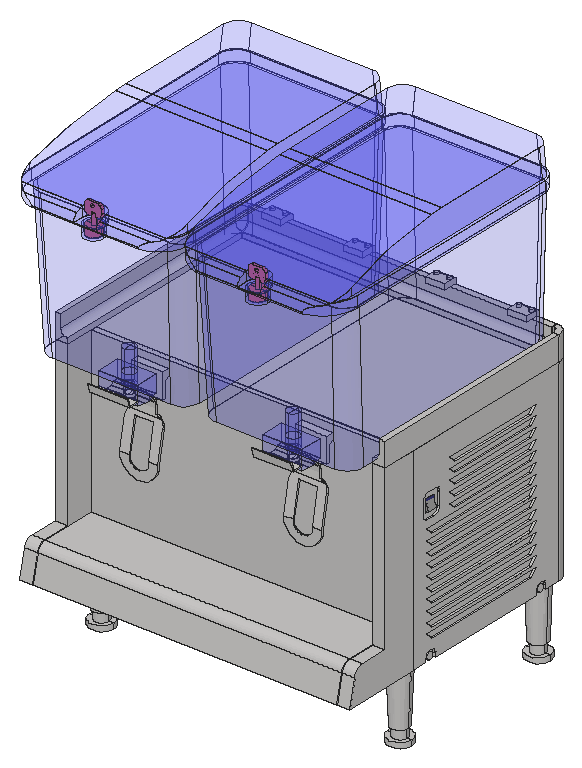
Revit family "QF_ELECTROLUXPROFESSIONAL_600929_ECS2D22UK", category Specialty Equipment, Revit 2018
Family settings
  Round Connector Dimension = Use Diameter
  Part Type = Normal
  Work Plane-Based = No
  Always vertical = Yes
  Cut with Voids When Loaded = No
  Shared = No
  Room Calculation Point = No
Parameters (values of type "Standard")
  Weight = 20.00 kg
  Watts = 0 W
  Volts = 230 V
  URL Manufacturer = "http://professional.electrolux.com"
  URL = "http://professional.electrolux.com"
  Steam Supply Size = 0 mm
  Steam Supply Minimum Pressure = 0.0 Pa
  Steam Supply Maximum Pressure = 0.0 Pa
  Steam Pounds per Hour = 0
  Refrigeration Suction Line Size = 0 mm
  Refrigeration Liquid Line Size = 0 mm
  Refrigerant Compressor Remote = yes
  Manufacturer = "Electrolux Professional"
  Phase = 1
  Model = "ECS2D22UK"
  Length Actual = 521.0 mm  # constant formula
  Item Number = "600929"
  Hot Water Size = 0 mm
  Height Actual = 729.0 mm  # constant formula
  HP = "0.5 HP"
  Gas Size = 0 mm
  Gas KW = 0
  Gas Input Pressure = 0 W
  Direct Waste Size = 0 mm
  Description = "COLD BEV DISP. 2X18 LT - AGITATOR - UK PLUG"
  Depth Actual = 451.0 mm  # constant formula
  Cycle = 60 Hz
  Condensate Return Size = 0 mm
  Compressed Air Volume = 0.0 L/s
  Compressed Air Size = 0 mm
  Compressed Air Pressure = 0.0 Pa
  Cold Water Size = 0 mm
  Accessory = yes
Reference planes
  plane 1 "Center (Front/Back)": y = 0
  plane 2 "BASE": z = 0
  plane 3 "Center (Left/Right)": x = 0
  plane 4 "FEET": z = 110
  plane 5 "BACK": y = 212
  plane 6 "LEFT": x = -260
  plane 7 "RIGHT": x = 260
  plane 8 "FeetBack": y = 182
  plane 9 "EI_Front": y = 43
  plane 10 "TopBase": z = 420
  plane 11 "TOP": z = 729
  plane 12 "FRONT": y = -256
  plane 13 "FeetFront": y = -91
  plane 14 "Fillet": y = 192
  plane 15 "EI_Left": x = 234.6
  plane 16 "BaseVasca": z = 420
  plane 17 "Key": y = -238.074
Forms (mm)
  Extrusion 1, solid, material "QF_Finishes_Rubber Black"
    sketch origin (127, -237.264, 237.417) x (-1, 0, 0) y (0, 0, 1)
      loop
        line (-134.813, 85.505) -> (-130.245, 83.471) -> (-130.245, 81.362) -> (-128, 81.362) -> (-128, 101.362) -> (-130.245, 101.362)
        arc (-130.245, 101.362) -> (-131.172, 93.043) -> (-134.813, 85.505) r 24.82
    from 185 to 170
  Extrusion 2, solid, material "QF_Clearances", detail levels coarse
    sketch origin (1888.173, -11.659, 0) x (1, 0, 0) y (0, 1, 0)
      loop
        line (-2148.173, -244.341) -> (-2148.173, 223.659) -> (-1628.173, 223.659) -> (-1628.173, -244.341) -> (-1501.173, -244.341) -> (-1501.173, 373.659) -> (-2275.173, 373.659) -> (-2275.173, -244.341) -> (-2148.173, -244.341)
    from 0 to 729
  Revolve 3, solid, material "QF_Finishes_Stainless Steel"
    sketch origin (127, -91, 0) x (0, 0, 1) y (1, 0, 0)
      loop
        line (0, 127) -> (0, 108) -> (110, 108) -> (110, 125.038) -> (23, 122) -> (23, 119) -> (8, 119) -> (8, 127) -> (0, 127)
      axis (0, 108) -> (110, 108)
    angle from 0 to 360
  Revolve 4, solid, material "QF_Finishes_Stainless Steel"
    sketch origin (-127, -91, 0) x (0, 0, 1) y (1, 0, 0)
      loop
        line (0, -127) -> (8, -127) -> (8, -119) -> (23, -119) -> (23, -122) -> (110, -125.038) -> (110, -108) -> (0, -108) -> (0, -127)
      axis (0, -108) -> (110, -108)
    angle from 0 to 360
  Revolve 5, solid, material "QF_Finishes_Stainless Steel"
    sketch origin (127, 182, 0) x (-1, 0, 0) y (0, 0, 1)
      loop
        line (-127, 0) -> (-108, 0) -> (-108, 110) -> (-125.038, 110) -> (-122, 23) -> (-119, 23) -> (-119, 8) -> (-127, 8) -> (-127, 0)
      axis (-108, 0) -> (-108, 110)
    angle from 0 to 360
  Revolve 6, solid, material "QF_Finishes_Stainless Steel"
    sketch origin (-127, 182, 0) x (-1, 0, 0) y (0, 0, 1)
      loop
        line (127, 0) -> (127, 8) -> (119, 8) -> (119, 23) -> (122, 23) -> (125.038, 110) -> (108, 110) -> (108, 0) -> (127, 0)
      axis (108, 0) -> (108, 110)
    angle from 0 to 360
  Extrusion 7, solid, material "QF_Finishes_Stainless Steel"
    sketch origin (260, 0, 0) x (0, -1, 0) y (0, 0, 1)
      loop
        line (96.764, 110) -> (221, 110) -> (211.598, 151.16)
        arc (211.598, 151.16) -> (205.975, 160.107) -> (196, 163.597) r 16
        line (196, 163.597) -> (151, 163.597) -> (151, 420) -> (96.764, 420) -> (96.764, 110)
    from 20 to 0
  Extrusion 8, solid, material "QF_Finishes_Stainless Steel"
    sketch origin (0, 0, 0) x (0, 1, 0) y (0, 0, 1)
      loop
        line (-96.764, 110) -> (-96.764, 420) -> (-106, 420) -> (-106, 163.597) -> (-196, 163.597)
        arc (-196, 163.597) -> (-205.975, 160.107) -> (-211.598, 151.16) r 16
        line (-211.598, 151.16) -> (-221, 110) -> (-96.764, 110)
    from -240 to 240
  Extrusion 9, solid, material "QF_Finishes_Stainless Steel"
    sketch origin (260, -1000, 0) x (0, -1, 0) y (0, 0, 1)
      loop
        line (-903.236, 110) -> (-903.236, 420) -> (-1192, 420) -> (-1192, 110) -> (-1166, 110) -> (-1166, 115.694)
        arc (-1166, 115.694) -> (-1156, 125.694) -> (-1146, 115.694) r 10
        line (-1146, 115.694) -> (-1146, 110) -> (-948, 110) -> (-948, 115.694)
        arc (-948, 115.694) -> (-938, 125.694) -> (-928, 115.694) r 10
        line (-928, 115.694) -> (-928, 110) -> (-903.236, 110)
      loop
        arc (-923.159, 339.837) -> (-926.088, 346.908) -> (-933.159, 349.837) r 10
        line (-933.159, 349.837) -> (-947.159, 349.837)
        arc (-947.159, 349.837) -> (-954.23, 346.908) -> (-957.159, 339.837) r 10
        line (-957.159, 339.837) -> (-957.159, 319.837)
        arc (-957.159, 319.837) -> (-954.23, 312.766) -> (-947.159, 309.837) r 10
        line (-947.159, 309.837) -> (-933.159, 309.837)
        arc (-933.159, 309.837) -> (-926.088, 312.766) -> (-923.159, 319.837) r 10
        line (-923.159, 319.837) -> (-923.159, 339.837)
      loop
        line (-974.071, 381.364) -> (-1149.071, 381.364) -> (-1137.071, 369.364) -> (-986.071, 369.364) -> (-974.071, 381.364)
      loop
        line (-974.071, 364.864) -> (-1149.071, 364.864) -> (-1137.071, 352.864) -> (-986.071, 352.864) -> (-974.071, 364.864)
      loop
        line (-974.071, 348.364) -> (-1149.071, 348.364) -> (-1137.071, 336.364) -> (-986.071, 336.364) -> (-974.071, 348.364)
      loop
        line (-974.071, 331.864) -> (-1149.071, 331.864) -> (-1137.071, 319.864) -> (-986.071, 319.864) -> (-974.071, 331.864)
      loop
        line (-974.071, 315.364) -> (-1149.071, 315.364) -> (-1137.071, 303.364) -> (-986.071, 303.364) -> (-974.071, 315.364)
      loop
        line (-929.071, 298.864) -> (-1149.071, 298.864) -> (-1137.071, 286.864) -> (-941.071, 286.864) -> (-929.071, 298.864)
      loop
        line (-929.071, 282.364) -> (-1149.071, 282.364) -> (-1137.071, 270.364) -> (-941.071, 270.364) -> (-929.071, 282.364)
      loop
        line (-929.071, 265.864) -> (-1149.071, 265.864) -> (-1137.071, 253.864) -> (-941.071, 253.864) -> (-929.071, 265.864)
      loop
        line (-929.071, 249.364) -> (-1149.071, 249.364) -> (-1137.071, 237.364) -> (-941.071, 237.364) -> (-929.071, 249.364)
      loop
        line (-929.071, 232.864) -> (-1149.071, 232.864) -> (-1137.071, 220.864) -> (-941.071, 220.864) -> (-929.071, 232.864)
      loop
        line (-929.071, 216.364) -> (-1149.071, 216.364) -> (-1137.071, 204.364) -> (-941.071, 204.364) -> (-929.071, 216.364)
      loop
        line (-929.071, 199.864) -> (-1149.071, 199.864) -> (-1137.071, 187.864) -> (-941.071, 187.864) -> (-929.071, 199.864)
      loop
        line (-929.071, 183.364) -> (-1149.071, 183.364) -> (-1137.071, 171.364) -> (-941.071, 171.364) -> (-929.071, 183.364)
      loop
        line (-929.071, 166.864) -> (-1149.071, 166.864) -> (-1137.071, 154.864) -> (-941.071, 154.864) -> (-929.071, 166.864)
      loop
        line (-929.071, 150.364) -> (-1149.071, 150.364) -> (-1137.071, 138.364) -> (-941.071, 138.364) -> (-929.071, 150.364)
    from 5 to 0
  Extrusion 10, solid, material "QF_Finishes_Stainless Steel"
    sketch origin (-260, 0, 0) x (0, 1, 0) y (0, 0, 1)
      loop
        line (-96.764, 110) -> (-96.764, 420) -> (-151, 420) -> (-151, 163.597) -> (-196, 163.597)
        arc (-196, 163.597) -> (-205.975, 160.107) -> (-211.598, 151.16) r 16
        line (-211.598, 151.16) -> (-221, 110) -> (-96.764, 110)
    from 20 to 0
  Extrusion 11, solid, material "QF_Finishes_Stainless Steel"
    sketch origin (-260, 0, 0) x (0, 1, 0) y (0, 0, 1)
      loop
        line (-96.764, 110) -> (-72, 110) -> (-72, 115.694)
        arc (-72, 115.694) -> (-62, 125.694) -> (-52, 115.694) r 10
        line (-52, 115.694) -> (-52, 110) -> (146, 110) -> (146, 115.694)
        arc (146, 115.694) -> (156, 125.694) -> (166, 115.694) r 10
        line (166, 115.694) -> (166, 110) -> (192, 110) -> (192, 420) -> (-96.764, 420) -> (-96.764, 110)
      loop
        line (-70.929, 381.364) -> (-58.929, 369.364) -> (137.071, 369.364) -> (149.071, 381.364) -> (-70.929, 381.364)
      loop
        line (-70.929, 364.864) -> (-58.929, 352.864) -> (137.071, 352.864) -> (149.071, 364.864) -> (-70.929, 364.864)
      loop
        line (-70.929, 348.364) -> (-58.929, 336.364) -> (137.071, 336.364) -> (149.071, 348.364) -> (-70.929, 348.364)
      loop
        line (-70.929, 331.864) -> (-58.929, 319.864) -> (137.071, 319.864) -> (149.071, 331.864) -> (-70.929, 331.864)
      loop
        line (-70.929, 315.364) -> (-58.929, 303.364) -> (137.071, 303.364) -> (149.071, 315.364) -> (-70.929, 315.364)
      loop
        line (-70.929, 298.864) -> (-58.929, 286.864) -> (137.071, 286.864) -> (149.071, 298.864) -> (-70.929, 298.864)
      loop
        line (-70.929, 282.364) -> (-58.929, 270.364) -> (137.071, 270.364) -> (149.071, 282.364) -> (-70.929, 282.364)
      loop
        line (-70.929, 265.864) -> (-58.929, 253.864) -> (137.071, 253.864) -> (149.071, 265.864) -> (-70.929, 265.864)
      loop
        line (-70.929, 249.364) -> (-58.929, 237.364) -> (137.071, 237.364) -> (149.071, 249.364) -> (-70.929, 249.364)
      loop
        line (-70.929, 232.864) -> (-58.929, 220.864) -> (137.071, 220.864) -> (149.071, 232.864) -> (-70.929, 232.864)
      loop
        line (-70.929, 216.364) -> (-58.929, 204.364) -> (137.071, 204.364) -> (149.071, 216.364) -> (-70.929, 216.364)
      loop
        line (-70.929, 199.864) -> (-58.929, 187.864) -> (137.071, 187.864) -> (149.071, 199.864) -> (-70.929, 199.864)
      loop
        line (-70.929, 183.364) -> (-58.929, 171.364) -> (137.071, 171.364) -> (149.071, 183.364) -> (-70.929, 183.364)
      loop
        line (-70.929, 166.864) -> (-58.929, 154.864) -> (137.071, 154.864) -> (149.071, 166.864) -> (-70.929, 166.864)
      loop
        line (-70.929, 150.364) -> (-58.929, 138.364) -> (137.071, 138.364) -> (149.071, 150.364) -> (-70.929, 150.364)
    from 5 to 0
  Extrusion 12, solid, material "QF_Finishes_Stainless Steel"
    sketch origin (0, 0, 0) x (0, 1, 0) y (0, 0, 1)
      loop
        line (-96.764, 110) -> (192, 110) -> (192, 420) -> (-96.764, 420) -> (-96.764, 110)
    from 255 to -255
  Extrusion 13, solid, material "QF_Finishes_Stainless Steel"
    sketch origin (0, 0, 0) x (0, 1, 0) y (0, 0, 1)
      loop
        line (212, 110) -> (212, 420) -> (192, 420) -> (192, 110) -> (212, 110)
    from 240 to -240
  Extrusion 14, solid, material "QF_Finishes_Stainless Steel"
    sketch origin (0, -256, 0) x (-1, 0, 0) y (0, 0, 1)
      loop
        line (-260, 420) -> (-240, 420) -> (-240, 428.026)
        arc (-240, 428.026) -> (-247.802, 431.235) -> (-251.037, 439.026) r 11
        line (-251.037, 439.026) -> (-251.037, 458.026) -> (-260, 458.026) -> (-260, 420)
      loop
        line (260, 420) -> (260, 458.026) -> (251.037, 458.026) -> (251.037, 439.026)
        arc (251.037, 439.026) -> (247.802, 431.235) -> (240, 428.026) r 11
        line (240, 428.026) -> (240, 420) -> (260, 420)
    from 448 to 105
  Extrusion 15, solid, material "QF_Finishes_Stainless Steel"
    sketch origin (0, 0, 0) x (0, 1, 0) y (0, 0, 1)
      loop
        line (212, 420) -> (212, 458.026) -> (203.037, 458.026) -> (203.037, 439.026)
        arc (203.037, 439.026) -> (199.802, 431.235) -> (192, 428.026) r 11
        line (192, 428.026) -> (192, 420) -> (212, 420)
    from 240 to -240
  Revolve 16, solid, material "QF_Finishes_Stainless Steel"
    sketch origin (127, 192, 0) x (-1, 0, 0) y (0, 0, 1)
      loop
        line (-113, 420) -> (-113, 428.026)
        arc (-113, 428.026) -> (-120.802, 431.235) -> (-124.037, 439.026) r 11
        line (-124.037, 439.026) -> (-124.037, 458.026) -> (-133, 458.026) -> (-133, 420) -> (-113, 420)
      axis (-113, 420) -> (-113, 458.026)
    angle from 0 to -90
  Revolve 17, solid, material "QF_Finishes_Stainless Steel"
    sketch origin (-127, 192, 0) x (1, 0, 0) y (0, 0, 1)
      loop
        line (-113, 420) -> (-113, 428.026)
        arc (-113, 428.026) -> (-120.802, 431.235) -> (-124.037, 439.026) r 11
        line (-124.037, 439.026) -> (-124.037, 458.026) -> (-133, 458.026) -> (-133, 420) -> (-113, 420)
      axis (-113, 420) -> (-113, 458.026)
    angle from 0 to -90
  Extrusion 18, solid, material "QF_Finishes_Stainless Steel"
    sketch origin (0, 0, 110) x (-1, 0, 0) y (0, -1, 0)
      loop
        line (240, -192) -> (240, -212)
        arc (240, -212) -> (254.142, -206.142) -> (260, -192) r 20
        line (260, -192) -> (240, -192)
      loop
        arc (-260, -192) -> (-254.142, -206.142) -> (-240, -212) r 20
        line (-240, -212) -> (-240, -192) -> (-260, -192)
    from 0 to 310
  Extrusion 19, solid, material "QF_Finishes_Stainless Steel"
    sketch origin (260, 0, 0) x (0, -1, 0) y (0, 0, 1)
      loop
        circle (62, 115.694) r 5
      loop
        circle (-156, 115.694) r 5
    from 1 to 5
  Extrusion 20, solid, material "QF_Finishes_Stainless Steel"
    sketch origin (-260, 0, 0) x (0, 1, 0) y (0, 0, 1)
      loop
        circle (-62, 115.694) r 5
      loop
        circle (156, 115.694) r 5
    from 1 to 5
  Extrusion 21, solid, material "QF_Finishes_Stainless Steel"
    sketch origin (126.6, 43, 110) x (-1, 0, 0) y (0, -1, 0)
      loop
        circle (-108, 0) r 10
    from 0 to -10
Lines and regions (mm)
  symbolic lines
    curve 1: arc (-240, 212, 420) -> (-254.142, 206.142, 420) -> (-260, 192, 420) r 20
    curve 2: line (240, 212, 420) -> (209.263, 212, 420)
    curve 3: arc (240, 212, 420) -> (254.142, 206.142, 420) -> (260, 192, 420) r 20
    curve 4: line (-260, 192, 420) -> (-260, -221, 420)
    curve 5: line (260, -221, 420) -> (260, 192, 420)
    curve 6: line (240, 203.037, 420) -> (209.263, 203.037, 420)
    curve 7: arc (-240, 203.037, 420) -> (-247.805, 199.805, 420) -> (-251.037, 192, 420) r 11.037
    curve 8: arc (240, 203.037, 420) -> (247.805, 199.805, 420) -> (251.037, 192, 420) r 11.037
    curve 9: line (-251.037, 192, 420) -> (-251.037, 184.473, 420)
    curve 10: line (251.037, 184.473, 420) -> (251.037, 192, 420)
    curve 11: line (-257.131, -151, 420) -> (-260, -151, 420)
    curve 12: line (-260, -221, 420) -> (-253.706, -221, 420)
    curve 13: line (-4.82, -221, 420) -> (4.82, -221, 420)
    curve 14: line (260, -221, 420) -> (253.706, -221, 420)
    curve 15: line (260, -151, 420) -> (257.131, -151, 420)
    curve 16: line (-209.263, 203.037, 420) -> (-240, 203.037, 420)
    curve 17: line (49.263, 203.037, 420) -> (-49.263, 203.037, 420)
    curve 18: line (49.263, 212, 420) -> (-49.263, 212, 420)
    curve 19: line (-209.263, 212, 420) -> (-240, 212, 420)
    curve 20: line (179.263, 212, 420) -> (79.263, 212, 420)
    curve 21: line (179.263, 203.037, 420) -> (79.263, 203.037, 420)
    curve 22: line (-79.263, 203.037, 420) -> (-179.263, 203.037, 420)
    curve 23: line (-79.263, 212, 420) -> (-179.263, 212, 420)
Dimensions and locks
  plane 4 "FEET" to level = 110.0 mm
  plane 6 "LEFT" to plane 3 "Center (Left/Right)" to plane 7 "RIGHT" = 260.0 mm, 260.0 mm
  plane 6 "LEFT" to plane 7 "RIGHT" = 520.0 mm
  plane 5 "BACK" to plane 8 "FeetBack" = 30.0 mm
  plane 7 "RIGHT" to plane 6 "LEFT" = 520.0 mm
  plane 5 "BACK" to plane 12 "FRONT" = 468.0 mm
  plane 11 "TOP" to level = 729.0 mm
  plane 9 "EI_Front" to plane 5 "BACK" = 169.0 mm
  plane 10 "TopBase" to level = 420.0 mm
  plane 15 "EI_Left" to plane 7 "RIGHT" = 25.4 mm
  plane 5 "BACK" to plane 9 "EI_Front" = 169.0 mm
  aligned and locked: level to plane 2 "BASE"
Nested families
  nested 1: "CS1-V2" at (-129.263, 0.03, 0), type "CS1-V2"
  nested 2: "CS1-V2" at (129.263, 0.03, 0), type "CS1-V2"
Connectors
  electrical at (234.6, 43, 100), driven by "Volts"
    settings: on Extrusion 21, index 1, voltage 230 V, apparent load 0 VA, apparent load phase1 0 VA, apparent load phase2 0 VA, apparent load phase3 0 VA, power factor 1, load classification "Other", number of poles 1, system type 30, power factor state 1, is connector primary yes, connector utility no, sub classification motor no, connector description "Electrical Connection"
Definition of nested family "CS1-V2"
  Parameters (values of type "CS1-V2")
    Weight = 48.00 kg
    Watts = 71.5353 W
    Volts = 230 V
    URL Manufacturer = "http://professional.electrolux.com"
    URL = "http://professional.electrolux.com"
    Steam Supply Size = 0 mm
    Steam Supply Minimum Pressure = 0.0 Pa
    Steam Supply Maximum Pressure = 0.0 Pa
    Steam Pounds per Hour = 0
    Refrigeration Suction Line Size = 0 mm
    Refrigeration Liquid Line Size = 0 mm
    Refrigerant Compressor Remote = yes
    Manufacturer = "Electrolux"
    Phase = 1
    Model = "SP2ITNK"
    Length Actual = 447.0 mm  # constant formula
    Item Number = "560013"
    Hot Water Size = 0 mm
    Height Actual = 612.0 mm  # constant formula
    HP = "1 HP"
    Gas Size = 0 mm
    Gas KW = 0
    Gas Input Pressure = 0 W
    Description = "2X5 LT BOWL - FROZEN GRANITA AND FROZEN CREAM DISPENSER - 2 INSULATED BOWLS - WHITE"
    Depth Actual = 438.0 mm  # constant formula
    Cycle = 50 Hz
    Condensate Return Size = 0 mm
    Compressed Air Volume = 0.0 L/s
    Compressed Air Size = 0 mm
    Compressed Air Pressure = 0.0 Pa
    Cold Water Size = 0 mm
    Accessory = yes
  Reference planes
    plane 1 "Center (Front/Back)": y = 0
    plane 2 "BASE": z = 0
    plane 3 "Center (Left/Right)": x = 0
    plane 4 "FEET": z = 110
    plane 5 "BACK": y = 212
    plane 6 "LEFT": x = -133
    plane 7 "RIGHT": x = 133
    plane 8 "TopBase": z = 420
    plane 9 "TOP": z = 729
    plane 10 "FRONT": y = -256
    plane 11 "Fillet": y = 192
    plane 12 "BaseVasca": z = 420
    plane 13 "Key": y = -238.074
    plane 14: y = -168.455
  Forms (mm)
    Blend 1, solid
      base sketch origin (64.522, 0, 420) x (0, -1, 0) y (1, 0, 0)
        loop
          arc (178, -183.022) -> (195.678, -175.699) -> (203, -158.022) r 25
          line (203, -158.022) -> (203, 28.978)
          arc (203, 28.978) -> (195.678, 46.656) -> (178, 53.978) r 25
          line (178, 53.978) -> (-167, 53.978)
          arc (-167, 53.978) -> (-184.678, 46.656) -> (-192, 28.978) r 25
          line (-192, 28.978) -> (-192, -158.022)
          arc (-192, -158.022) -> (-184.678, -175.699) -> (-167, -183.022) r 25
          line (-167, -183.022) -> (178, -183.022)
      top sketch origin (64.522, 0, 420) x (0, -1, 0) y (1, 0, 0)
        loop
          arc (-192, -164.522) -> (-184.678, -182.199) -> (-167, -189.522) r 25
          line (-167, -189.522) -> (193, -189.522)
          arc (193, -189.522) -> (210.678, -182.199) -> (218, -164.522) r 25
          line (218, -164.522) -> (218, 35.478)
          arc (218, 35.478) -> (210.678, 53.156) -> (193, 60.478) r 25
          line (193, 60.478) -> (-167, 60.478)
          arc (-167, 60.478) -> (-184.678, 53.156) -> (-192, 35.478) r 25
          line (-192, 35.478) -> (-192, -164.522)
      from 8 to 247
    Blend 2, solid
      base sketch origin (133, 0, 420) x (0, -1, 0) y (1, 0, 0)
        loop
          arc (-192, -233.206) -> (-184.678, -250.883) -> (-167, -258.206) r 25
          line (-167, -258.206) -> (210.038, -258.206)
          arc (210.038, -258.206) -> (240.444, -245.611) -> (253.038, -215.206) r 43
          line (253.038, -215.206) -> (253.038, -51.206)
          arc (253.038, -51.206) -> (240.444, -20.8) -> (210.038, -8.206) r 43
          line (210.038, -8.206) -> (-167, -8.206)
          arc (-167, -8.206) -> (-184.678, -15.528) -> (-192, -33.206) r 25
          line (-192, -33.206) -> (-192, -233.206)
      top sketch origin (133, 0, 420) x (0, -1, 0) y (1, 0, 0)
        loop
          arc (-192, -228) -> (-184.678, -245.678) -> (-167, -253) r 25
          line (-167, -253) -> (200.138, -253)
          arc (200.138, -253) -> (235.494, -238.355) -> (250.138, -203) r 50
          line (250.138, -203) -> (250.138, -63)
          arc (250.138, -63) -> (235.494, -27.645) -> (200.138, -13) r 50
          line (200.138, -13) -> (-167, -13)
          arc (-167, -13) -> (-184.678, -20.322) -> (-192, -38) r 25
          line (-192, -38) -> (-192, -228)
      from 265.34 to 309
    Extrusion 3, solid
      sketch origin (64.522, 0, 420) x (0, -1, 0) y (1, 0, 0)
        loop
          line (256, -148.79) -> (256, 19.747)
          arc (256, 19.747) -> (236.607, 51.092) -> (201.845, 63.347) r 55.433
          line (201.845, 63.347) -> (-168.323, 63.347)
          arc (-168.323, 63.347) -> (-187.191, 54.733) -> (-194.9, 35.478) r 27.9
          line (-194.9, 35.478) -> (-194.9, -164.522)
          arc (-194.9, -164.522) -> (-187.191, -183.777) -> (-168.323, -192.39) r 27.9
          line (-168.323, -192.39) -> (201.845, -192.39)
          arc (201.845, -192.39) -> (236.607, -180.136) -> (256, -148.79) r 55.433
      from 265.34 to 247
    Extrusion 4, void
      sketch origin (108, 0, 0) x (0, 1, 0) y (0, 0, 1)
        loop
          line (-26.39, 729) -> (-26.39, 734) -> (-256, 734) -> (-256, 669.303) -> (-254.726, 672.803)
          arc (-254.726, 672.803) -> (-252.106, 677.514) -> (-248.147, 681.172) r 17.063
          arc (-248.147, 681.172) -> (-148.754, 713.466) -> (-45.263, 728.011) r 599.546
          line (-45.263, 728.011) -> (-26.39, 729)
      from -241 to 25
    Extrusion 5, void
      sketch origin (0, 0, 0) x (0, 1, 0) y (0, 0, 1)
        loop
          arc (-249.651, 680.531) -> (-239.286, 684.849) -> (-228.842, 688.973) r 599.546
          line (-228.842, 688.973) -> (-262.493, 688.973) -> (-262.493, 670.038) -> (-256, 670.038)
          arc (-256, 670.038) -> (-254.289, 676.17) -> (-249.651, 680.531) r 11.845
      from -127.869 to 124.794
    Extrusion 6, void
      sketch origin (0, 0, 420) x (0, -1, 0) y (1, 0, 0)
        loop
          line (238.074, -17.633) -> (256, -17.633) -> (256, 17.633) -> (238.074, 17.633)
          arc (238.074, 17.633) -> (220.441, 0) -> (238.074, -17.633) r 17.633
      from 249.303 to 265.34
    Extrusion 7, void
      sketch origin (64.522, 0, 420) x (0, -1, 0) y (1, 0, 0)
        loop
          circle (238.074, -64.522) r 12
      from 233.373 to 247
    Extrusion 8, solid
      sketch origin (64.522, 0, 420) x (0, -1, 0) y (1, 0, 0)
        loop
          circle (238.074, -64.522) r 15.757
      from 230.564 to 247
    Revolve 9, solid
      sketch origin (64.522, -238.074, 0) x (-1, 0, 0) y (0, 0, 1)
        loop
          line (64.522, 683.398) -> (61.099, 683.398) -> (61.099, 667) -> (52.522, 667) -> (52.522, 653.373) -> (64.522, 653.373) -> (64.522, 683.398)
        axis (64.522, 653.373) -> (64.522, 683.398)
      angle from 0 to 360
    Extrusion 10, solid
      sketch origin (64.522, -238.074, 0) x (-1, 0, 0) y (0, 0, 1)
        loop
          line (62.099, 683.398) -> (66.944, 683.398) -> (66.944, 678.398) -> (71.849, 678.398)
          arc (71.849, 678.398) -> (76.091, 680.156) -> (77.849, 684.398) r 6
          line (77.849, 684.398) -> (77.849, 692.398)
          arc (77.849, 692.398) -> (76.091, 696.641) -> (71.849, 698.398) r 6
          line (71.849, 698.398) -> (57.195, 698.398)
          arc (57.195, 698.398) -> (52.952, 696.641) -> (51.195, 692.398) r 6
          line (51.195, 692.398) -> (51.195, 684.398)
          arc (51.195, 684.398) -> (52.952, 680.156) -> (57.195, 678.398) r 6
          line (57.195, 678.398) -> (62.099, 678.398) -> (62.099, 683.398)
        loop
          circle (64.522, 693.106) r 3
      from -2 to 2
    Extrusion 11, solid
      sketch origin (0, 0, 0) x (0, 1, 0) y (0, 0, 1)
        loop
          line (-190.5, 428) -> (-190.5, 398) -> (-174.107, 395.109) -> (-164.107, 395.109) -> (-159.607, 399.609) -> (-153.116, 399.609) -> (-153.116, 428) -> (-190.5, 428)
      from -31.045 to 31
    Revolve 12, void
      sketch origin (0, 0, 0) x (0, 1, 0) y (0, 0, 1)
        loop
          line (-168.455, 463.265) -> (-178.327, 463.265) -> (-178.327, 410.984) -> (-175.351, 410.984) -> (-175.351, 398) -> (-174.149, 398) -> (-174.149, 388) -> (-168.455, 388) -> (-168.455, 463.265)
        axis (-168.455, 388) -> (-168.455, 463.265)
      angle from 0 to 360
    Revolve 13, solid
      sketch origin (0, 0, 0) x (0, 1, 0) y (0, 0, 1)
        loop
          line (-168.455, 385.109) -> (-163.455, 385.109) -> (-163.455, 395.109) -> (-161.56, 395.109) -> (-161.56, 398) -> (-168.455, 398) -> (-168.455, 385.109)
        axis (-168.455, 398) -> (-168.455, 385.109)
      angle from 0 to 360
    Extrusion 14, solid
      sketch origin (0, 0, 0) x (0, 1, 0) y (0, 0, 1)
        loop
          line (-211.42, 417.932) -> (-207.338, 404.58) -> (-190.5, 404.58) -> (-190.5, 405.58) -> (-206.598, 405.58) -> (-210.464, 418.224) -> (-211.42, 417.932)
      from -31.045 to 31
    Extrusion 15, solid
      sketch origin (0, 0, 0) x (0, 1, 0) y (0, 0, 1)
        loop
          line (-149.25, 259.609) -> (-148.25, 259.609) -> (-148.25, 296.088) -> (-136.39, 354.802)
          arc (-136.39, 354.802) -> (-135.207, 366.291) -> (-136.255, 377.793) r 59.784
          line (-136.255, 377.793) -> (-131.876, 379.387) -> (-129.145, 379.387) -> (-129.145, 380.887) -> (-132.141, 380.887) -> (-136.557, 379.279) -> (-139.722, 379.279) -> (-156.78, 399.609) -> (-158.086, 399.609) -> (-140.188, 378.279) -> (-137.37, 378.279)
          arc (-137.37, 378.279) -> (-136.206, 366.64) -> (-137.37, 355) r 58.784
          line (-137.37, 355) -> (-149.25, 296.188) -> (-149.25, 259.609)
      from -30 to 30
    Extrusion 16, void
      sketch origin (0, -238.074, 0) x (-1, 0, 0) y (0, 0, 1)
        loop
          line (15, 348.279) -> (-15, 348.279) -> (-15, 288.279)
          arc (-15, 288.279) -> (0, 279.279) -> (15, 288.279) r 17
          line (15, 288.279) -> (15, 348.279)
        loop
          arc (30, 288.469) -> (0, 265.279) -> (-30, 288.469) r 31
          line (-30, 288.469) -> (-30, 344.632)
          arc (-30, 344.632) -> (-26.112, 354.705) -> (-16.464, 359.553) r 14.993
          line (-16.464, 359.553) -> (-16.464, 399.609) -> (-36.464, 399.609) -> (-36.464, 259.609) -> (36.464, 259.609) -> (36.464, 399.609) -> (16.464, 399.609) -> (16.464, 359.553)
          arc (16.464, 359.553) -> (26.112, 354.705) -> (30, 344.632) r 14.993
          line (30, 344.632) -> (30, 288.469)
      from 79.263 to 108.929
    Extrusion 17, solid
      sketch origin (0, 0, 0) x (0, 1, 0) y (0, 0, 1)
        loop
          line (-133.507, 380.887) -> (-129.145, 380.887) -> (-129.145, 406.439) -> (-121.488, 410.009) -> (-121.488, 420.078) -> (-133.507, 420.078) -> (-133.507, 380.887)
      from -25 to 24.963
    Extrusion 18, solid
      sketch origin (0, 0, 0) x (0, 1, 0) y (0, 0, 1)
        loop
          line (192, 458) -> (212, 458) -> (212, 447.335) -> (215, 447.335) -> (215, 462.335)
          arc (215, 462.335) -> (213.865, 465.076) -> (211.123, 466.212) r 3.877
          line (211.123, 466.212) -> (192, 466.212) -> (192, 458)
      from -50 to -80
    Extrusion 19, solid
      sketch origin (-65, 0, 420) x (0, -1, 0) y (1, 0, 0)
        loop
          circle (-207, -10) r 3
        loop
          circle (-207, 10) r 3
      from 46.212 to 48.2
    Extrusion 20, solid
      sketch origin (0, 0, 0) x (0, 1, 0) y (0, 0, 1)
        loop
          line (192, 458) -> (212, 458) -> (212, 447.335) -> (215, 447.335) -> (215, 462.335)
          arc (215, 462.335) -> (213.865, 465.076) -> (211.123, 466.212) r 3.877
          line (211.123, 466.212) -> (192, 466.212) -> (192, 458)
      from 80 to 50
    Extrusion 21, solid
      sketch origin (65, 0, 420) x (0, -1, 0) y (1, 0, 0)
        loop
          circle (-207, -10) r 3
        loop
          circle (-207, 10) r 3
      from 46.212 to 48.2
  Cuts and joins
    Extrusion 4, Extrusion 6 cuts Blend 2
    Extrusion 5, Extrusion 6, Extrusion 7 cuts Extrusion 3
    Extrusion 7, Revolve 12 cuts Blend 1
    Extrusion 7 cuts Extrusion 8
    Revolve 12, Extrusion 16 cuts Extrusion 11
    Extrusion 16 cuts Extrusion 15
  Lines and regions (mm)
    symbolic lines
      curve 1: arc (-95, 192, 420) -> (-112.678, 184.678, 420) -> (-120, 167, 420) r 25
      curve 2: arc (-125.206, 167, 420) -> (-117.883, 184.678, 420) -> (-100.206, 192, 420) r 25
      curve 3: arc (-100, 194.9, 420) -> (-119.255, 187.191, 420) -> (-127.869, 168.323, 420) r 27.9
      curve 4: line (-100, 194.9, 420) -> (100, 194.9, 420)
      curve 5: arc (127.869, 168.323, 420) -> (119.255, 187.191, 420) -> (100, 194.9, 420) r 27.9
      curve 6: arc (99.794, 192, 420) -> (117.472, 184.678, 420) -> (124.794, 167, 420) r 25
      curve 7: arc (120, 167, 420) -> (112.678, 184.678, 420) -> (95, 192, 420) r 25
      curve 8: line (99.794, 192, 420) -> (-100.206, 192, 420)
      curve 9: line (-127.869, -201.845, 420) -> (-127.869, 168.323, 420)
      curve 10: line (-125.206, -210.038, 420) -> (-125.206, 167, 420)
      curve 11: line (-120, 167, 420) -> (-120, -26.39, 420)
      curve 12: line (120, -26.39, 420) -> (120, 167, 420)
      curve 13: line (124.794, 167, 420) -> (124.794, -210.038, 420)
      curve 14: line (127.869, 168.323, 420) -> (127.869, -201.845, 420)
      curve 15: line (-120, -26.39, 420) -> (120, -26.39, 420)
      curve 16: arc (-127.869, -201.845, 420) -> (-115.614, -236.607, 420) -> (-84.269, -256, 420) r 55.433
      curve 17: arc (-114.9, -237.968, 420) -> (-122.547, -224.923, 420) -> (-125.206, -210.038, 420) r 43
      curve 18: spline (-123.835, -207.457, 420) -> (-123.908, -210.163, 420) -> (-123.828, -212.865, 420) -> (-123.596, -215.554, 420) -> (-123.212, -218.224, 420) -> (-122.678, -220.866, 420) -> (-121.994, -223.473, 420) -> (-121.163, -226.037, 420) -> (-120.188, -228.551, 420) -> (-119.07, -231.008, 420) -> (-117.814, -233.401, 420) -> (-116.423, -235.723, 420) -> (-114.9, -237.968, 420)
      curve 19: arc (84.269, -256, 420) -> (115.614, -236.607, 420) -> (127.869, -201.845, 420) r 55.433
      curve 20: arc (124.794, -210.038, 420) -> (122.136, -224.923, 420) -> (114.489, -237.968, 420) r 43
      curve 21: spline (114.489, -237.968, 420) -> (116.021, -235.721, 420) -> (117.421, -233.396, 420) -> (118.687, -231.001, 420) -> (119.814, -228.543, 420) -> (120.798, -226.028, 420) -> (121.638, -223.463, 420) -> (122.331, -220.857, 420) -> (122.874, -218.216, 420) -> (123.267, -215.547, 420) -> (123.508, -212.86, 420) -> (123.596, -210.16, 420) -> (123.532, -207.457, 420)
      curve 22: line (124.794, 167, 420) -> (124.794, -210.038, 420)
      curve 23: line (-17.633, -256, 420) -> (-17.633, -238.074, 420)
      curve 24: line (13.327, -240.074, 420) -> (-13.327, -240.074, 420)
      curve 25: line (-13.327, -236.074, 420) -> (13.327, -236.074, 420)
      curve 26: line (17.633, -238.074, 420) -> (17.633, -256, 420)
      curve 27: line (84.269, -256, 420) -> (-84.269, -256, 420)
      curve 28: arc (2.777, -240.074, 420) -> (0, -241.496, 420) -> (-2.777, -240.074, 420) r 3.422
      curve 29: line (-120, -26.39, 420) -> (-123.835, -207.457, 420)
      curve 30: line (120, -26.39, 420) -> (123.532, -207.457, 420)
      curve 31: arc (17.633, -238.074, 420) -> (0, -220.441, 420) -> (-17.633, -238.074, 420) r 17.633
      curve 32: line (13.327, -240.074, 420) -> (13.327, -236.074, 420)
      curve 33: line (-13.327, -240.074, 420) -> (-13.327, -236.074, 420)
      curve 34: arc (-11.832, -236.074, 420) -> (0, -226.074, 420) -> (11.832, -236.074, 420) r 12
      curve 35: arc (11.832, -240.074, 420) -> (0, -250.074, 420) -> (-11.832, -240.074, 420) r 12
      curve 36: circle (0, -238.074, 420) r 15.757 normal (0, 0, -1)
      curve 37: arc (-2.777, -236.074, 420) -> (0, -234.652, 420) -> (2.777, -236.074, 420) r 3.422
      curve 38: line (-80, 194.9, 420) -> (-80, 215, 420)
      curve 39: line (-80, 215, 420) -> (-50, 215, 420)
      curve 40: line (-50, 215, 420) -> (-50, 194.9, 420)
      curve 41: circle (-75, 207, 420) r 3 normal (0, 0, -1)
      curve 42: circle (-55, 207, 420) r 3 normal (0, 0, 1)
      curve 43: line (80, 194.9, 420) -> (80, 215, 420)
      curve 44: line (80, 215, 420) -> (50, 215, 420)
      curve 45: line (50, 215, 420) -> (50, 194.9, 420)
      curve 46: circle (75, 207, 420) r 3 normal (0, 0, 1)
      curve 47: circle (55, 207, 420) r 3 normal (0, 0, -1)
  Dimensions and locks
    plane 4 "FEET" to level = 110.0 mm
    equal spacing: plane 6 "LEFT", plane 3 "Center (Left/Right)", plane 7 "RIGHT"
    plane 5 "BACK" to plane 1 "Center (Front/Back)" = 212.0 mm
    plane 6 "LEFT" to plane 7 "RIGHT" = 266.0 mm
    plane 7 "RIGHT" to plane 6 "LEFT" = 266.0 mm
    plane 5 "BACK" to plane 10 "FRONT" = 468.0 mm
    plane 9 "TOP" to level = 729.0 mm
    plane 8 "TopBase" to level = 420.0 mm
    radius of Extrusion 7 sketch curve = 12.0 mm
    aligned and locked: level to plane 2 "BASE"
  Automatic sketch dimensions
    Blend 1 sketch curve to plane 11 "Fillet" = 0.0 mm  (x2)
    Blend 1 sketch curve to Blend 1 sketch curve = 25.0 mm  (x3)
    plane 14 to Blend 1 sketch curve = 9.545 mm  (x2)
    plane 6 "LEFT" to Blend 1 sketch curve = 14.5 mm
    plane 7 "RIGHT" to Blend 1 sketch curve = 39.5 mm
    plane 7 "RIGHT" to Blend 1 sketch curve = 8.0 mm
    Blend 1 sketch curve to plane 11 "Fillet" = 25.0 mm  (x2)
    plane 6 "LEFT" to Blend 1 sketch curve = 8.0 mm
    plane 14 to Blend 1 sketch curve = 24.545 mm  (x2)
    plane 13 "Key" to Blend 1 sketch curve = 20.074 mm
    Blend 2 sketch curve to plane 11 "Fillet" = 0.0 mm  (x2)
    plane 6 "LEFT" to Blend 2 sketch curve = 7.794 mm
    Blend 2 sketch curve to plane 11 "Fillet" = 25.0 mm  (x3)
    Blend 2 sketch curve to Blend 2 sketch curve = 25.0 mm
    plane 13 "Key" to Blend 2 sketch curve = 28.035 mm  (x2)
    plane 7 "RIGHT" to Blend 2 sketch curve = 8.206 mm
    plane 10 "FRONT" to Blend 2 sketch curve = 2.962 mm
    plane 7 "RIGHT" to Blend 2 sketch curve = 13.0 mm
    plane 6 "LEFT" to Blend 2 sketch curve = 13.0 mm
    plane 14 to Blend 2 sketch curve = 31.683 mm  (x2)
    plane 10 "FRONT" to Blend 2 sketch curve = 5.862 mm
    Extrusion 3 sketch curve to plane 10 "FRONT" = 0.0 mm
    plane 14 to Extrusion 3 sketch curve = 33.389 mm  (x2)
    Extrusion 3 sketch curve to plane 11 "Fillet" = 25.0 mm  (x2)
    plane 6 "LEFT" to Extrusion 3 sketch curve = 5.131 mm
    Extrusion 3 sketch curve to plane 11 "Fillet" = 23.677 mm  (x2)
    plane 7 "RIGHT" to Extrusion 3 sketch curve = 5.131 mm
    plane 11 "Fillet" to Extrusion 3 sketch curve = 2.9 mm
    plane 6 "LEFT" to Extrusion 3 sketch curve = 48.731 mm
    Extrusion 3 sketch curve to Extrusion 3 sketch curve = 55.433 mm
    Extrusion 4 sketch curve to plane 10 "FRONT" = 0.0 mm
    plane 9 "TOP" to Extrusion 4 sketch curve = 0.0 mm
    plane 10 "FRONT" to Extrusion 4 sketch curve = 1.274 mm
    Extrusion 4 sketch curve to plane 13 "Key" = 0.619 mm
    plane 9 "TOP" to Extrusion 4 sketch curve = 0.989 mm
    plane 1 "Center (Front/Back)" to Extrusion 4 sketch curve = 45.263 mm
    Extrusion 4 sketch curve to Extrusion 4 sketch curve = 18.873 mm
    plane 1 "Center (Front/Back)" to Extrusion 4 sketch curve = 13.885 mm
    plane 9 "TOP" to Extrusion 4 sketch curve = 56.197 mm
    Extrusion 4 sketch curve to Extrusion 4 sketch curve = 3.5 mm
    Extrusion 4 sketch curve to Extrusion 4 sketch curve = 5.836 mm
    plane 4 "FEET" to Extrusion 4 sketch curve = 19.287 mm
    Extrusion 4 sketch curve to plane 9 "TOP" = 5.0 mm
    Extrusion 5 sketch curve to plane 10 "FRONT" = 0.0 mm
    Extrusion 5 sketch curve to plane 10 "FRONT" = 6.493 mm
    Extrusion 5 sketch curve to plane 13 "Key" = 6.081 mm
    plane 13 "Key" to Extrusion 5 sketch curve = 9.232 mm
    plane 1 "Center (Front/Back)" to Extrusion 5 sketch curve = 13.885 mm
    plane 4 "FEET" to Extrusion 5 sketch curve = 19.287 mm
    plane 9 "TOP" to Extrusion 5 sketch curve = 58.962 mm
    Extrusion 5 sketch curve to Extrusion 5 sketch curve = 18.935 mm
    Extrusion 6 sketch curve to plane 3 "Center (Left/Right)" = 0.0 mm
    Extrusion 6 sketch curve to plane 13 "Key" = 0.0 mm
    Extrusion 6 sketch curve to plane 10 "FRONT" = 0.0 mm
    Extrusion 6 sketch curve to plane 3 "Center (Left/Right)" = 17.633 mm
    Extrusion 7 sketch curve to plane 3 "Center (Left/Right)" = 0.0 mm
    Extrusion 7 sketch curve to plane 13 "Key" = 0.0 mm
    Extrusion 8 sketch curve to plane 3 "Center (Left/Right)" = 0.0 mm
    Extrusion 8 sketch curve to plane 13 "Key" = 0.0 mm
    Revolve 9 sketch curve to plane 3 "Center (Left/Right)" = 0.0 mm  (x2)
    Revolve 9 sketch curve to Revolve 9 sketch curve = 3.422 mm
    Revolve 9 sketch curve to Revolve 9 sketch curve = 12.0 mm
    plane 9 "TOP" to Revolve 9 sketch curve = 75.627 mm
    Revolve 9 sketch curve to Revolve 9 sketch curve = 13.627 mm
    Revolve 9 sketch curve to Revolve 9 sketch curve = 16.398 mm
    Revolve 9 sketch curve to Revolve 9 sketch curve = 2.303 mm
    plane 9 "TOP" to Revolve 9 sketch curve = 22.746 mm
    Extrusion 10 sketch curve to plane 3 "Center (Left/Right)" = 0.0 mm
    plane 3 "Center (Left/Right)" to Extrusion 10 sketch curve = 2.422 mm
    plane 3 "Center (Left/Right)" to Extrusion 10 sketch curve = 7.327 mm
    Extrusion 10 sketch curve to Extrusion 10 sketch curve = 4.905 mm  (x2)
    Extrusion 10 sketch curve to Extrusion 10 sketch curve = 6.0 mm  (x2)
    Extrusion 10 sketch curve to plane 3 "Center (Left/Right)" = 2.422 mm
    Extrusion 10 sketch curve to plane 3 "Center (Left/Right)" = 7.327 mm
    plane 9 "TOP" to Extrusion 10 sketch curve = 50.602 mm
    Extrusion 10 sketch curve to Extrusion 10 sketch curve = 0.0 mm
    Extrusion 10 sketch curve to Extrusion 10 sketch curve = 5.0 mm
    Extrusion 10 sketch curve to Extrusion 10 sketch curve = 8.0 mm
    Extrusion 10 sketch curve to Extrusion 10 sketch curve = 0.707 mm
    plane 8 "TopBase" to Extrusion 11 sketch curve = 8.0 mm
    plane 14 to Extrusion 11 sketch curve = 22.045 mm
    plane 14 to Extrusion 11 sketch curve = 5.651 mm
    Extrusion 11 sketch curve to plane 14 = 4.349 mm
    Extrusion 11 sketch curve to Extrusion 11 sketch curve = 4.499 mm  (x2)
    Extrusion 11 sketch curve to plane 14 = 15.339 mm
    Extrusion 11 sketch curve to plane 8 "TopBase" = 20.391 mm
    Extrusion 11 sketch curve to plane 8 "TopBase" = 22.0 mm
    Revolve 12 sketch curve to plane 14 = 0.0 mm  (x2)
    plane 14 to Revolve 12 sketch curve = 5.694 mm
    plane 14 to Revolve 12 sketch curve = 6.896 mm
    Revolve 12 sketch curve to Revolve 12 sketch curve = 9.871 mm
    Revolve 12 sketch curve to plane 8 "TopBase" = 32.0 mm
    Revolve 12 sketch curve to Revolve 12 sketch curve = 10.0 mm
    Revolve 12 sketch curve to plane 8 "TopBase" = 9.016 mm
    plane 8 "TopBase" to Revolve 12 sketch curve = 43.265 mm
    Revolve 12 sketch curve to Revolve 12 sketch curve = 0.0 mm
    Revolve 12 sketch curve to Revolve 12 sketch curve = 20.0 mm
    Revolve 13 sketch curve to plane 14 = 0.0 mm  (x2)
    Revolve 13 sketch curve to plane 14 = 5.0 mm
    Revolve 13 sketch curve to Revolve 13 sketch curve = 1.896 mm
    Revolve 13 sketch curve to plane 8 "TopBase" = 34.891 mm
    Revolve 13 sketch curve to Revolve 13 sketch curve = 10.0 mm
    Revolve 13 sketch curve to Revolve 13 sketch curve = 2.891 mm
    Revolve 13 sketch curve to Revolve 13 sketch curve = 7.275 mm
    Revolve 13 sketch curve to plane 8 "TopBase" = 9.016 mm
    Extrusion 14 sketch curve to plane 8 "TopBase" = 2.068 mm
    plane 13 "Key" to Extrusion 14 sketch curve = 26.654 mm
    Extrusion 14 sketch curve to plane 8 "TopBase" = 1.776 mm
    Extrusion 14 sketch curve to Extrusion 14 sketch curve = 0.956 mm
    Extrusion 14 sketch curve to Extrusion 14 sketch curve = 4.082 mm
    Extrusion 14 sketch curve to Extrusion 14 sketch curve = 0.74 mm
    Extrusion 14 sketch curve to Extrusion 14 sketch curve = 16.098 mm
    Extrusion 15 sketch curve to Extrusion 15 sketch curve = 0.0 mm  (x3)
    plane 14 to Extrusion 15 sketch curve = 26.535 mm
    Extrusion 15 sketch curve to plane 14 = 10.37 mm
    Extrusion 15 sketch curve to Extrusion 15 sketch curve = 1.305 mm
    Extrusion 15 sketch curve to plane 14 = 19.205 mm
    Extrusion 15 sketch curve to Extrusion 15 sketch curve = 1.0 mm  (x2)
    Extrusion 15 sketch curve to Extrusion 15 sketch curve = 16.592 mm
    Extrusion 15 sketch curve to Extrusion 15 sketch curve = 0.466 mm
    Extrusion 15 sketch curve to Extrusion 15 sketch curve = 2.352 mm
    Extrusion 15 sketch curve to Extrusion 15 sketch curve = 0.812 mm
    Extrusion 15 sketch curve to Extrusion 15 sketch curve = 0.98 mm
    Extrusion 15 sketch curve to Extrusion 15 sketch curve = 1.114 mm
    Extrusion 15 sketch curve to Extrusion 15 sketch curve = 4.417 mm
    Extrusion 15 sketch curve to Extrusion 15 sketch curve = 0.264 mm
    Extrusion 15 sketch curve to Extrusion 15 sketch curve = 2.731 mm
    plane 4 "FEET" to Extrusion 15 sketch curve = 149.609 mm
    Extrusion 15 sketch curve to Extrusion 15 sketch curve = 36.479 mm
    Extrusion 15 sketch curve to Extrusion 15 sketch curve = 0.1 mm
    Extrusion 15 sketch curve to Extrusion 15 sketch curve = 58.714 mm
    Extrusion 15 sketch curve to Extrusion 15 sketch curve = 0.198 mm
    Extrusion 15 sketch curve to plane 8 "TopBase" = 53.36 mm
    Extrusion 15 sketch curve to Extrusion 15 sketch curve = 1.594 mm
    Extrusion 15 sketch curve to Extrusion 15 sketch curve = 1.5 mm
    Extrusion 15 sketch curve to plane 8 "TopBase" = 20.391 mm
    Extrusion 16 sketch curve to Extrusion 16 sketch curve = 0.0 mm  (x3)
    Extrusion 16 sketch curve to plane 3 "Center (Left/Right)" = 0.0 mm
    plane 3 "Center (Left/Right)" to Extrusion 16 sketch curve = 15.0 mm
    Extrusion 16 sketch curve to Extrusion 16 sketch curve = 0.007 mm  (x2)
    plane 3 "Center (Left/Right)" to Extrusion 16 sketch curve = 16.464 mm
    Extrusion 16 sketch curve to Extrusion 16 sketch curve = 15.0 mm  (x2)
    Extrusion 16 sketch curve to Extrusion 16 sketch curve = 20.0 mm  (x2)
    Extrusion 16 sketch curve to plane 3 "Center (Left/Right)" = 15.0 mm
    Extrusion 16 sketch curve to plane 3 "Center (Left/Right)" = 16.464 mm
    plane 4 "FEET" to Extrusion 16 sketch curve = 149.609 mm
    Extrusion 16 sketch curve to Extrusion 16 sketch curve = 28.671 mm
    Extrusion 16 sketch curve to Extrusion 16 sketch curve = 0.19 mm
    Extrusion 16 sketch curve to Extrusion 16 sketch curve = 8.0 mm
    Extrusion 16 sketch curve to Extrusion 16 sketch curve = 56.163 mm
    Extrusion 16 sketch curve to Extrusion 16 sketch curve = 3.647 mm
    Extrusion 16 sketch curve to plane 8 "TopBase" = 20.391 mm  (x2)
    Extrusion 17 sketch curve to plane 14 = 34.948 mm
    Extrusion 17 sketch curve to Extrusion 17 sketch curve = 4.362 mm
    Extrusion 17 sketch curve to Extrusion 17 sketch curve = 7.657 mm
    Extrusion 17 sketch curve to plane 8 "TopBase" = 39.113 mm
    Extrusion 17 sketch curve to plane 8 "TopBase" = 13.561 mm
    Extrusion 17 sketch curve to Extrusion 17 sketch curve = 3.57 mm
    plane 8 "TopBase" to Extrusion 17 sketch curve = 0.078 mm
    Extrusion 18 sketch curve to plane 11 "Fillet" = 0.0 mm
    Extrusion 18 sketch curve to plane 5 "BACK" = 0.0 mm
    Extrusion 18 sketch curve to plane 5 "BACK" = 0.877 mm
    Extrusion 18 sketch curve to Extrusion 18 sketch curve = 3.0 mm
    plane 8 "TopBase" to Extrusion 18 sketch curve = 27.335 mm
    Extrusion 18 sketch curve to Extrusion 18 sketch curve = 10.665 mm
    Extrusion 18 sketch curve to Extrusion 18 sketch curve = 4.335 mm
    Extrusion 19 sketch curve to plane 5 "BACK" = 5.0 mm  (x2)
    plane 6 "LEFT" to Extrusion 19 sketch curve = 58.0 mm
    Extrusion 19 sketch curve to Extrusion 19 sketch curve = 20.0 mm
    Extrusion 20 sketch curve to plane 11 "Fillet" = 0.0 mm
    Extrusion 20 sketch curve to plane 5 "BACK" = 0.0 mm
    Extrusion 20 sketch curve to plane 5 "BACK" = 0.877 mm
    Extrusion 20 sketch curve to Extrusion 20 sketch curve = 3.0 mm
    plane 8 "TopBase" to Extrusion 20 sketch curve = 27.335 mm
    Extrusion 20 sketch curve to Extrusion 20 sketch curve = 10.665 mm
    Extrusion 20 sketch curve to Extrusion 20 sketch curve = 4.335 mm
    Extrusion 21 sketch curve to plane 5 "BACK" = 5.0 mm  (x2)
    plane 3 "Center (Left/Right)" to Extrusion 21 sketch curve = 55.0 mm
    Extrusion 21 sketch curve to Extrusion 21 sketch curve = 20.0 mm
    curve 28 to curve 31 = 0.0 mm
    curve 28 to curve 34 = 0.0 mm  (x2)
    curve 28 to curve 35 = 0.0 mm  (x2)
    curve 28 to curve 36 = 0.0 mm
    curve 28 to curve 37 = 0.0 mm
    curve 31 to curve 37 = 0.0 mm
    curve 35 to curve 36 = 0.0 mm
    curve 36 to curve 37 = 0.0 mm
    curve 8 to plane 11 "Fillet" = 0.0 mm
    curve 34 to plane 3 "Center (Left/Right)" = 0.0 mm
    curve 34 to plane 13 "Key" = 0.0 mm
    curve 26 to plane 10 "FRONT" = 0.0 mm
    plane 11 "Fillet" to curve 4 = 2.9 mm
    curve 47 to plane 5 "BACK" = 5.0 mm
    curve 41 to plane 5 "BACK" = 5.0 mm
    curve 42 to plane 5 "BACK" = 5.0 mm
    curve 46 to plane 5 "BACK" = 5.0 mm
    plane 5 "BACK" to curve 44 = 3.0 mm
    plane 5 "BACK" to curve 40 = 3.0 mm
    plane 7 "RIGHT" to curve 14 = 5.131 mm
    curve 14 to plane 11 "Fillet" = 23.677 mm
    plane 6 "LEFT" to curve 9 = 5.131 mm
    curve 9 to plane 11 "Fillet" = 23.677 mm
    curve 7 to curve 7 = 25.0 mm
    curve 3 to curve 10 = 1.323 mm
    curve 7 to curve 5 = 0.0 mm
    curve 2 to curve 3 = 0.0 mm
    curve 2 to curve 11 = 0.0 mm
    curve 5 to curve 13 = 1.323 mm
    plane 7 "RIGHT" to curve 12 = 13.0 mm
    plane 1 "Center (Front/Back)" to curve 12 = 26.39 mm
    plane 14 to curve 19 = 33.389 mm
    plane 14 to curve 9 = 33.389 mm
    plane 6 "LEFT" to curve 29 = 9.165 mm
    curve 16 to curve 29 = 5.612 mm
    plane 7 "RIGHT" to curve 30 = 9.468 mm
    curve 19 to curve 30 = 5.612 mm
    curve 29 to curve 10 = 2.581 mm
    curve 30 to curve 22 = 2.581 mm
    plane 13 "Key" to curve 25 = 2.0 mm
    curve 32 to plane 13 "Key" = 2.0 mm
    curve 10 to curve 29 = 1.37 mm
    plane 6 "LEFT" to curve 29 = 13.0 mm
    plane 6 "LEFT" to curve 27 = 48.731 mm
    curve 17 to curve 16 = 9.77 mm
    curve 1 to curve 38 = 15.0 mm
    curve 38 to curve 41 = 5.0 mm
    curve 41 to curve 42 = 20.0 mm
    curve 42 to curve 40 = 5.0 mm
    curve 23 to curve 28 = 17.633 mm
    curve 23 to curve 33 = 4.306 mm
    curve 32 to curve 31 = 4.306 mm
    plane 3 "Center (Left/Right)" to curve 44 = 50.0 mm
    curve 44 to curve 47 = 5.0 mm
    curve 19 to curve 21 = 51.096 mm
    curve 47 to curve 46 = 20.0 mm
    curve 46 to curve 44 = 5.0 mm
    curve 19 to curve 20 = 9.359 mm
    curve 8 to curve 5 = 0.206 mm
    curve 16 to curve 18 = 6.764 mm
    curve 19 to curve 21 = 6.913 mm
    curve 20 to curve 21 = 9.411 mm
    curve 10 to curve 18 = 12.185 mm
    plane 13 "Key" to curve 17 = 0.106 mm
    plane 13 "Key" to curve 20 = 0.106 mm
    curve 25 to curve 34 = 1.495 mm
    curve 24 to curve 35 = 1.495 mm
    curve 28 to plane 3 "Center (Left/Right)" = 2.777 mm
    curve 37 to plane 3 "Center (Left/Right)" = 2.777 mm
    radius of Extrusion 8 sketch curve = 15.757 mm
    radius of Extrusion 10 sketch curve = 3.0 mm
    radius of Extrusion 19 sketch curve = 3.0 mm  (x2)
    radius of Extrusion 21 sketch curve = 3.0 mm  (x2)
    radius of curve 36 = 15.757 mm
    radius of curve 41 = 3.0 mm
    radius of curve 42 = 3.0 mm
    radius of curve 46 = 3.0 mm
    radius of curve 47 = 3.0 mm
